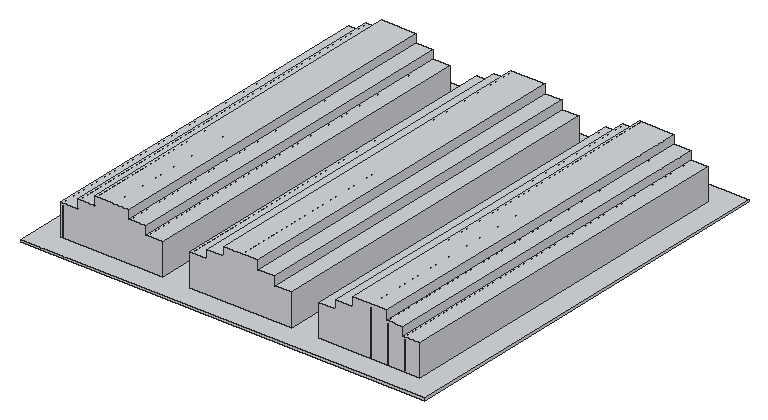
Revit family "Acoustic-Treatment_Wenger_Diffuser-Ceiling-Quadratic", category Generic Models, Revit 2016
Family settings
  Part Type = Normal
  Can host rebar = No
  Round Connector Dimension = Use Diameter
  Work Plane-Based = Yes
  Always vertical = No
  Cut with Voids When Loaded = No
  Shared = No
  Room Calculation Point = No
Parameters
  Warranty Duration (Years) = 0
  Unit Width = 3' - 11 3/4"
  Unit Weight = 0
  Unit Length = 3' - 11 3/4"
  Unit Depth = 1' - 0"
  URL = "https://www.wengercorp.com/"
  Standards Conformance = "as Specified"
  Specification = "http://www.arcat.com/sdspecs/htm04/11_60_01wen.htm"
  SpecWizard = "http://www.arcat.com/specwizard/11061wen/index04.htm"
  Sales Information = "https://www.wengercorp.com/contact-us.php"
  Revision = "R1_2017-12"
  Product Properties = ""
  Product Data = "http://www.arcat.com/arcatcos/cos36/arc36487.html"
  Model = "As Specified"
  Manufacturer Website = "https://www.wengercorp.com/"
  Manufacturer Phone - Toll Free = ""
  Manufacturer Phone = ""
  Manufacturer Fax = ""
  Manufacturer Address = ""
  Manufacturer = "Wenger Corporation"
  Maintenance Schedule (Months) = 0
  Keynote = "11 60 01"
  Installation-Fabrication = ""
  Installation Phase = ""
  Green Building-LEED = "http://www.arcat.com/green/clients/leed_data_36487.html"
  Exterior Finish [instance] = none
  Expected Lifespan (Years) = 0
  Drawn By = "Sumex Design, Inc. / Robert S. Weygant, CSI, CDT, SCIP"
  Description = "Wenger Acoustic Product as Specified"
  Default Elevation = 0' - 0"
  Copyright = "©Arcat Inc."
  Construction Details = "http://www.arcat.com/details/wengerco/wengerco.html?coid=36487"
  Assembly Code = "E1020300"
Reference planes (in)
  plane 1 "Center (Front/Back)": y = 0
  plane 2 "Bottom": z = 0
  plane 3 "Center (Left/Right)": x = 0
  plane 4 "Front": y = -23.875
  plane 5 "Back": y = 23.875
  plane 6 "Left": x = -23.875
  plane 7 "Right": x = 23.875
  plane 8: y = 21.0625
  plane 9: y = -21.0625
  plane 10: x = 21.0625
  plane 11: x = -21.0625
Forms (in)
  Extrusion 1, solid, material <- "Exterior Finish"
    sketch origin (0, 0, 0) x (1, 0, 0) y (0, 1, 0)
      loop
        line (-23.875, 23.875) -> (-23.875, -23.875) -> (23.875, -23.875) -> (23.875, 23.875) -> (-23.875, 23.875)
      loop
        line (-21.0625, 21.0625) -> (-21.0625, -21.0625) -> (-19.3125, -21.0625) -> (-19.3125, 21.0625) -> (-21.0625, 21.0625)
      loop
        line (-19.0625, 21.0625) -> (-19.0625, -21.0625) -> (-17.3125, -21.0625) -> (-17.3125, 21.0625) -> (-19.0625, 21.0625)
      loop
        line (-17.0625, 21.0625) -> (-17.0625, -21.0625) -> (-15.3125, -21.0625) -> (-15.3125, 21.0625) -> (-17.0625, 21.0625)
      loop
        line (-15.0625, 21.0625) -> (-15.0625, -21.0625) -> (-13.3125, -21.0625) -> (-13.3125, 21.0625) -> (-15.0625, 21.0625)
      loop
        line (-13.0625, 21.0625) -> (-13.0625, -21.0625) -> (-11.3125, -21.0625) -> (-11.3125, 21.0625) -> (-13.0625, 21.0625)
      loop
        line (-11.0625, 21.0625) -> (-11.0625, -21.0625) -> (-9.3125, -21.0625) -> (-9.3125, 21.0625) -> (-11.0625, 21.0625)
      loop
        line (9.3125, 21.0625) -> (9.3125, -21.0625) -> (11.0625, -21.0625) -> (11.0625, 21.0625) -> (9.3125, 21.0625)
      loop
        line (11.3125, 21.0625) -> (11.3125, -21.0625) -> (13.0625, -21.0625) -> (13.0625, 21.0625) -> (11.3125, 21.0625)
      loop
        line (13.3125, 21.0625) -> (13.3125, -21.0625) -> (15.0625, -21.0625) -> (15.0625, 21.0625) -> (13.3125, 21.0625)
      loop
        line (15.3125, 21.0625) -> (15.3125, -21.0625) -> (17.0625, -21.0625) -> (17.0625, 21.0625) -> (15.3125, 21.0625)
      loop
        line (17.3125, 21.0625) -> (17.3125, -21.0625) -> (19.0625, -21.0625) -> (19.0625, 21.0625) -> (17.3125, 21.0625)
      loop
        line (19.3125, 21.0625) -> (19.3125, -21.0625) -> (21.0625, -21.0625) -> (21.0625, 21.0625) -> (19.3125, 21.0625)
      loop
        line (-5.87262, 21.0625) -> (-5.87262, -21.0625) -> (-4.12262, -21.0625) -> (-4.12262, 21.0625) -> (-5.87262, 21.0625)
      loop
        line (-3.87262, 21.0625) -> (-3.87262, -21.0625) -> (-2.12262, -21.0625) -> (-2.12262, 21.0625) -> (-3.87262, 21.0625)
      loop
        line (-1.87262, 21.0625) -> (-1.87262, -21.0625) -> (-0.12262, -21.0625) -> (-0.12262, 21.0625) -> (-1.87262, 21.0625)
      loop
        line (0.12738, 21.0625) -> (0.12738, -21.0625) -> (1.87738, -21.0625) -> (1.87738, 21.0625) -> (0.12738, 21.0625)
      loop
        line (2.12738, 21.0625) -> (2.12738, -21.0625) -> (3.87738, -21.0625) -> (3.87738, 21.0625) -> (2.12738, 21.0625)
      loop
        line (4.12738, 21.0625) -> (4.12738, -21.0625) -> (5.87738, -21.0625) -> (5.87738, 21.0625) -> (4.12738, 21.0625)
    from 0 to 0.25
  Extrusion 2, solid, material <- "Exterior Finish"
    sketch origin (0, 0, 0) x (1, 0, 0) y (0, 1, 0)
      loop
        line (-21.1875, -21.1875) -> (-19.1875, -21.1875) -> (-19.1875, 21.1875) -> (-21.1875, 21.1875) -> (-21.1875, -21.1875)
      loop
        line (-21.0625, -21.0625) -> (-19.3125, -21.0625) -> (-19.3125, 21.0625) -> (-21.0625, 21.0625) -> (-21.0625, -21.0625)
    from 0.25 to 4
  Extrusion 3, solid, material <- "Exterior Finish"
    sketch origin (2, 0, 0) x (1, 0, 0) y (0, 1, 0)
      loop
        line (-21.1875, -21.1875) -> (-19.1875, -21.1875) -> (-19.1875, 21.1875) -> (-21.1875, 21.1875) -> (-21.1875, -21.1875)
      loop
        line (-21.0625, -21.0625) -> (-19.3125, -21.0625) -> (-19.3125, 21.0625) -> (-21.0625, 21.0625) -> (-21.0625, -21.0625)
    from 0.25 to 5
  Extrusion 4, solid, material <- "Exterior Finish"
    sketch origin (4, 0, 0) x (1, 0, 0) y (0, 1, 0)
      loop
        line (-21.1875, -21.1875) -> (-19.1875, -21.1875) -> (-19.1875, 21.1875) -> (-21.1875, 21.1875) -> (-21.1875, -21.1875)
      loop
        line (-21.0625, -21.0625) -> (-19.3125, -21.0625) -> (-19.3125, 21.0625) -> (-21.0625, 21.0625) -> (-21.0625, -21.0625)
    from 0.25 to 6
  Extrusion 5, solid, material <- "Exterior Finish"
    sketch origin (6, 0, 0) x (1, 0, 0) y (0, 1, 0)
      loop
        line (-21.1875, -21.1875) -> (-19.1875, -21.1875) -> (-19.1875, 21.1875) -> (-21.1875, 21.1875) -> (-21.1875, -21.1875)
      loop
        line (-21.0625, -21.0625) -> (-19.3125, -21.0625) -> (-19.3125, 21.0625) -> (-21.0625, 21.0625) -> (-21.0625, -21.0625)
    from 0.25 to 6
  Extrusion 6, solid, material <- "Exterior Finish"
    sketch origin (8, 0, 0) x (1, 0, 0) y (0, 1, 0)
      loop
        line (-21.1875, -21.1875) -> (-19.1875, -21.1875) -> (-19.1875, 21.1875) -> (-21.1875, 21.1875) -> (-21.1875, -21.1875)
      loop
        line (-21.0625, -21.0625) -> (-19.3125, -21.0625) -> (-19.3125, 21.0625) -> (-21.0625, 21.0625) -> (-21.0625, -21.0625)
    from 0.25 to 5
  Extrusion 7, solid, material <- "Exterior Finish"
    sketch origin (10, 0, 0) x (1, 0, 0) y (0, 1, 0)
      loop
        line (-21.1875, -21.1875) -> (-19.1875, -21.1875) -> (-19.1875, 21.1875) -> (-21.1875, 21.1875) -> (-21.1875, -21.1875)
      loop
        line (-21.0625, -21.0625) -> (-19.3125, -21.0625) -> (-19.3125, 21.0625) -> (-21.0625, 21.0625) -> (-21.0625, -21.0625)
    from 0.25 to 4
  Extrusion 8, solid, material <- "Exterior Finish"
    sketch origin (15.18988, 0, 0) x (1, 0, 0) y (0, 1, 0)
      loop
        line (-21.1875, -21.1875) -> (-19.1875, -21.1875) -> (-19.1875, 21.1875) -> (-21.1875, 21.1875) -> (-21.1875, -21.1875)
      loop
        line (-21.0625, -21.0625) -> (-19.3125, -21.0625) -> (-19.3125, 21.0625) -> (-21.0625, 21.0625) -> (-21.0625, -21.0625)
    from 0.25 to 4
  Extrusion 9, solid, material <- "Exterior Finish"
    sketch origin (17.18988, 0, 0) x (1, 0, 0) y (0, 1, 0)
      loop
        line (-21.1875, -21.1875) -> (-19.1875, -21.1875) -> (-19.1875, 21.1875) -> (-21.1875, 21.1875) -> (-21.1875, -21.1875)
      loop
        line (-21.0625, -21.0625) -> (-19.3125, -21.0625) -> (-19.3125, 21.0625) -> (-21.0625, 21.0625) -> (-21.0625, -21.0625)
    from 0.25 to 5
  Extrusion 10, solid, material <- "Exterior Finish"
    sketch origin (19.18988, 0, 0) x (1, 0, 0) y (0, 1, 0)
      loop
        line (-21.1875, -21.1875) -> (-19.1875, -21.1875) -> (-19.1875, 21.1875) -> (-21.1875, 21.1875) -> (-21.1875, -21.1875)
      loop
        line (-21.0625, -21.0625) -> (-19.3125, -21.0625) -> (-19.3125, 21.0625) -> (-21.0625, 21.0625) -> (-21.0625, -21.0625)
    from 0.25 to 6
  Extrusion 11, solid, material <- "Exterior Finish"
    sketch origin (21.18988, 0, 0) x (1, 0, 0) y (0, 1, 0)
      loop
        line (-21.1875, -21.1875) -> (-19.1875, -21.1875) -> (-19.1875, 21.1875) -> (-21.1875, 21.1875) -> (-21.1875, -21.1875)
      loop
        line (-21.0625, -21.0625) -> (-19.3125, -21.0625) -> (-19.3125, 21.0625) -> (-21.0625, 21.0625) -> (-21.0625, -21.0625)
    from 0.25 to 6
  Extrusion 12, solid, material <- "Exterior Finish"
    sketch origin (23.18988, 0, 0) x (1, 0, 0) y (0, 1, 0)
      loop
        line (-21.1875, -21.1875) -> (-19.1875, -21.1875) -> (-19.1875, 21.1875) -> (-21.1875, 21.1875) -> (-21.1875, -21.1875)
      loop
        line (-21.0625, -21.0625) -> (-19.3125, -21.0625) -> (-19.3125, 21.0625) -> (-21.0625, 21.0625) -> (-21.0625, -21.0625)
    from 0.25 to 5
  Extrusion 13, solid, material <- "Exterior Finish"
    sketch origin (25.18988, 0, 0) x (1, 0, 0) y (0, 1, 0)
      loop
        line (-21.1875, -21.1875) -> (-19.1875, -21.1875) -> (-19.1875, 21.1875) -> (-21.1875, 21.1875) -> (-21.1875, -21.1875)
      loop
        line (-21.0625, -21.0625) -> (-19.3125, -21.0625) -> (-19.3125, 21.0625) -> (-21.0625, 21.0625) -> (-21.0625, -21.0625)
    from 0.25 to 4
  Extrusion 14, solid, material <- "Exterior Finish"
    sketch origin (30.375, 0, 0) x (1, 0, 0) y (0, 1, 0)
      loop
        line (-21.1875, -21.1875) -> (-19.1875, -21.1875) -> (-19.1875, 21.1875) -> (-21.1875, 21.1875) -> (-21.1875, -21.1875)
      loop
        line (-21.0625, -21.0625) -> (-19.3125, -21.0625) -> (-19.3125, 21.0625) -> (-21.0625, 21.0625) -> (-21.0625, -21.0625)
    from 0.25 to 4
  Extrusion 15, solid, material <- "Exterior Finish"
    sketch origin (32.375, 0, 0) x (1, 0, 0) y (0, 1, 0)
      loop
        line (-21.1875, -21.1875) -> (-19.1875, -21.1875) -> (-19.1875, 21.1875) -> (-21.1875, 21.1875) -> (-21.1875, -21.1875)
      loop
        line (-21.0625, -21.0625) -> (-19.3125, -21.0625) -> (-19.3125, 21.0625) -> (-21.0625, 21.0625) -> (-21.0625, -21.0625)
    from 0.25 to 5
  Extrusion 16, solid, material <- "Exterior Finish"
    sketch origin (34.375, 0, 0) x (1, 0, 0) y (0, 1, 0)
      loop
        line (-21.1875, -21.1875) -> (-19.1875, -21.1875) -> (-19.1875, 21.1875) -> (-21.1875, 21.1875) -> (-21.1875, -21.1875)
      loop
        line (-21.0625, -21.0625) -> (-19.3125, -21.0625) -> (-19.3125, 21.0625) -> (-21.0625, 21.0625) -> (-21.0625, -21.0625)
    from 0.25 to 6
  Extrusion 17, solid, material <- "Exterior Finish"
    sketch origin (36.375, 0, 0) x (1, 0, 0) y (0, 1, 0)
      loop
        line (-21.1875, -21.1875) -> (-19.1875, -21.1875) -> (-19.1875, 21.1875) -> (-21.1875, 21.1875) -> (-21.1875, -21.1875)
      loop
        line (-21.0625, -21.0625) -> (-19.3125, -21.0625) -> (-19.3125, 21.0625) -> (-21.0625, 21.0625) -> (-21.0625, -21.0625)
    from 0.25 to 6
  Extrusion 18, solid, material <- "Exterior Finish"
    sketch origin (38.375, 0, 0) x (1, 0, 0) y (0, 1, 0)
      loop
        line (-21.1875, -21.1875) -> (-19.1875, -21.1875) -> (-19.1875, 21.1875) -> (-21.1875, 21.1875) -> (-21.1875, -21.1875)
      loop
        line (-21.0625, -21.0625) -> (-19.3125, -21.0625) -> (-19.3125, 21.0625) -> (-21.0625, 21.0625) -> (-21.0625, -21.0625)
    from 0.25 to 5
  Extrusion 19, solid, material <- "Exterior Finish"
    sketch origin (40.375, 0, 0) x (1, 0, 0) y (0, 1, 0)
      loop
        line (-21.1875, -21.1875) -> (-19.1875, -21.1875) -> (-19.1875, 21.1875) -> (-21.1875, 21.1875) -> (-21.1875, -21.1875)
      loop
        line (-21.0625, -21.0625) -> (-19.3125, -21.0625) -> (-19.3125, 21.0625) -> (-21.0625, 21.0625) -> (-21.0625, -21.0625)
    from 0.25 to 4
  Extrusion 20, solid, material <- "Exterior Finish"
    sketch origin (0, 0, 0) x (1, 0, 0) y (0, 0, 1)
      loop
        line (-21.1875, 4) -> (-21.1875, 3.875) -> (-19.1875, 3.875) -> (-19.1875, 4) -> (-21.1875, 4)
      loop
        line (-11.1875, 4) -> (-11.1875, 3.875) -> (-9.1875, 3.875) -> (-9.1875, 4) -> (-11.1875, 4)
      loop
        line (-5.99762, 4) -> (-5.99762, 3.875) -> (-3.99762, 3.875) -> (-3.99762, 4) -> (-5.99762, 4)
      loop
        line (4.00238, 4) -> (4.00238, 3.875) -> (6.00238, 3.875) -> (6.00238, 4) -> (4.00238, 4)
      loop
        line (9.1875, 4) -> (9.1875, 3.875) -> (11.1875, 3.875) -> (11.1875, 4) -> (9.1875, 4)
      loop
        line (19.1875, 4) -> (19.1875, 3.875) -> (21.1875, 3.875) -> (21.1875, 4) -> (19.1875, 4)
      loop
        line (-19.1875, 5) -> (-19.1875, 4.875) -> (-17.1875, 4.875) -> (-17.1875, 5) -> (-19.1875, 5)
      loop
        line (-13.1875, 5) -> (-13.1875, 4.875) -> (-11.1875, 4.875) -> (-11.1875, 5) -> (-13.1875, 5)
      loop
        line (-3.99762, 5) -> (-3.99762, 4.875) -> (-1.99762, 4.875) -> (-1.99762, 5) -> (-3.99762, 5)
      loop
        line (2.00238, 5) -> (2.00238, 4.875) -> (4.00238, 4.875) -> (4.00238, 5) -> (2.00238, 5)
      loop
        line (11.1875, 5) -> (11.1875, 4.875) -> (13.1875, 4.875) -> (13.1875, 5) -> (11.1875, 5)
      loop
        line (17.1875, 5) -> (17.1875, 4.875) -> (19.1875, 4.875) -> (19.1875, 5) -> (17.1875, 5)
      loop
        line (-17.1875, 6) -> (-17.1875, 5.875) -> (-13.1875, 5.875) -> (-13.1875, 6) -> (-17.1875, 6)
      loop
        line (-1.99762, 6) -> (-1.99762, 5.875) -> (2.00238, 5.875) -> (2.00238, 6) -> (-1.99762, 6)
      loop
        line (13.1875, 6) -> (13.1875, 5.875) -> (17.1875, 5.875) -> (17.1875, 6) -> (13.1875, 6)
    from -21.1875 to 21.1875
Cuts and joins
  joined: Extrusion 2, Extrusion 3, Extrusion 4, Extrusion 5, Extrusion 6, Extrusion 7, Extrusion 8, Extrusion 9, Extrusion 10, Extrusion 11, Extrusion 12, Extrusion 13, Extrusion 14, Extrusion 15, Extrusion 16, Extrusion 17, Extrusion 18, Extrusion 19, Extrusion 20
Dimensions and locks (in)
  equal spacing: plane 6 "Left", plane 3 "Center (Left/Right)", plane 7 "Right"
  "Unit Width": plane 6 "Left" to plane 7 "Right"
  equal spacing: plane 5 "Back", plane 1 "Center (Front/Back)", plane 4 "Front"
  "Unit Length": plane 5 "Back" to plane 4 "Front"
  locked: plane 6 "Left" to plane 11 at 2.8125
  locked: plane 10 to plane 7 "Right" at 2.8125
  locked: plane 9 to plane 4 "Front" at 2.8125
  locked: plane 5 "Back" to plane 8 at 2.8125
  aligned and locked: Extrusion 1 sketch curve to plane 5 "Back"
  aligned and locked: Extrusion 1 sketch curve to plane 6 "Left"
  aligned and locked: Extrusion 1 sketch curve to plane 4 "Front"
  aligned and locked: Extrusion 1 sketch curve to plane 7 "Right"
Automatic sketch dimensions
  Extrusion 1 sketch curve to plane 8 = 0' - 0"  (x18)
  Extrusion 1 sketch curve to plane 11 = 0' - 0"
  Extrusion 1 sketch curve to plane 9 = 0' - 0"  (x18)
  Extrusion 1 sketch curve to plane 10 = 0' - 0"
  plane 11 to Extrusion 1 sketch curve = 0' - 1 3/4"
  Extrusion 1 sketch curve to Extrusion 1 sketch curve = 0' - 0 1/4"  (x14)
  Extrusion 1 sketch curve to Extrusion 1 sketch curve = 0' - 1 3/4"  (x15)
  Extrusion 1 sketch curve to Extrusion 1 sketch curve = 0' - 3.43988"
  Extrusion 1 sketch curve to plane 3 "Center (Left/Right)" = 0' - 0.12262"
  plane 3 "Center (Left/Right)" to Extrusion 1 sketch curve = 0' - 0.12738"
  Extrusion 1 sketch curve to Extrusion 1 sketch curve = 0' - 3.43512"
  Extrusion 2 sketch curve to plane 9 = 0' - 0"
  Extrusion 2 sketch curve to plane 11 = 0' - 0"
  Extrusion 2 sketch curve to plane 8 = 0' - 0"
  Extrusion 2 sketch curve to plane 11 = 0' - 0 1/8"
  Extrusion 2 sketch curve to Extrusion 2 sketch curve = 0' - 1 3/4"
  Extrusion 2 sketch curve to Extrusion 2 sketch curve = 0' - 0 1/8"
  Extrusion 2 sketch curve to plane 9 = 0' - 0 1/8"
  plane 8 to Extrusion 2 sketch curve = 0' - 0 1/8"
  Extrusion 3 sketch curve to plane 9 = 0' - 0"
  Extrusion 3 sketch curve to plane 8 = 0' - 0"
  plane 8 to Extrusion 3 sketch curve = 0' - 0 1/8"
  plane 11 to Extrusion 3 sketch curve = 0' - 1 7/8"
  Extrusion 3 sketch curve to Extrusion 3 sketch curve = 0' - 0 1/8"  (x2)
  Extrusion 3 sketch curve to Extrusion 3 sketch curve = 0' - 1 3/4"
  Extrusion 3 sketch curve to plane 9 = 0' - 0 1/8"
  Extrusion 4 sketch curve to plane 9 = 0' - 0"
  Extrusion 4 sketch curve to plane 8 = 0' - 0"
  plane 8 to Extrusion 4 sketch curve = 0' - 0 1/8"
  plane 11 to Extrusion 4 sketch curve = 0' - 3 7/8"
  Extrusion 4 sketch curve to Extrusion 4 sketch curve = 0' - 0 1/8"  (x2)
  Extrusion 4 sketch curve to Extrusion 4 sketch curve = 0' - 1 3/4"
  Extrusion 4 sketch curve to plane 9 = 0' - 0 1/8"
  Extrusion 5 sketch curve to plane 9 = 0' - 0"
  Extrusion 5 sketch curve to plane 8 = 0' - 0"
  plane 8 to Extrusion 5 sketch curve = 0' - 0 1/8"
  plane 11 to Extrusion 5 sketch curve = 0' - 5 7/8"
  Extrusion 5 sketch curve to Extrusion 5 sketch curve = 0' - 0 1/8"  (x2)
  Extrusion 5 sketch curve to Extrusion 5 sketch curve = 0' - 1 3/4"
  Extrusion 5 sketch curve to plane 9 = 0' - 0 1/8"
  Extrusion 6 sketch curve to plane 9 = 0' - 0"
  Extrusion 6 sketch curve to plane 8 = 0' - 0"
  plane 8 to Extrusion 6 sketch curve = 0' - 0 1/8"
  plane 11 to Extrusion 6 sketch curve = 0' - 7 7/8"
  Extrusion 6 sketch curve to Extrusion 6 sketch curve = 0' - 0 1/8"  (x2)
  Extrusion 6 sketch curve to Extrusion 6 sketch curve = 0' - 1 3/4"
  Extrusion 6 sketch curve to plane 9 = 0' - 0 1/8"
  Extrusion 7 sketch curve to plane 9 = 0' - 0"
  Extrusion 7 sketch curve to plane 8 = 0' - 0"
  plane 8 to Extrusion 7 sketch curve = 0' - 0 1/8"
  plane 11 to Extrusion 7 sketch curve = 0' - 9 7/8"
  Extrusion 7 sketch curve to Extrusion 7 sketch curve = 0' - 0 1/8"  (x2)
  Extrusion 7 sketch curve to Extrusion 7 sketch curve = 0' - 1 3/4"
  Extrusion 7 sketch curve to plane 9 = 0' - 0 1/8"
  Extrusion 8 sketch curve to plane 9 = 0' - 0"
  Extrusion 8 sketch curve to plane 8 = 0' - 0"
  plane 8 to Extrusion 8 sketch curve = 0' - 0 1/8"
  Extrusion 8 sketch curve to plane 3 "Center (Left/Right)" = 0' - 5.99762"
  Extrusion 8 sketch curve to Extrusion 8 sketch curve = 0' - 0 1/8"  (x2)
  Extrusion 8 sketch curve to Extrusion 8 sketch curve = 0' - 1 3/4"
  Extrusion 8 sketch curve to plane 9 = 0' - 0 1/8"
  Extrusion 9 sketch curve to plane 9 = 0' - 0"
  Extrusion 9 sketch curve to plane 8 = 0' - 0"
  plane 8 to Extrusion 9 sketch curve = 0' - 0 1/8"
  Extrusion 9 sketch curve to plane 3 "Center (Left/Right)" = 0' - 3.99762"
  Extrusion 9 sketch curve to Extrusion 9 sketch curve = 0' - 0 1/8"  (x2)
  Extrusion 9 sketch curve to Extrusion 9 sketch curve = 0' - 1 3/4"
  Extrusion 9 sketch curve to plane 9 = 0' - 0 1/8"
  Extrusion 10 sketch curve to plane 9 = 0' - 0"
  Extrusion 10 sketch curve to plane 8 = 0' - 0"
  plane 8 to Extrusion 10 sketch curve = 0' - 0 1/8"
  Extrusion 10 sketch curve to plane 3 "Center (Left/Right)" = 0' - 1.99762"
  Extrusion 10 sketch curve to Extrusion 10 sketch curve = 0' - 0 1/8"
  Extrusion 10 sketch curve to plane 3 "Center (Left/Right)" = 0' - 0.12262"
  plane 3 "Center (Left/Right)" to Extrusion 10 sketch curve = 0' - 0.00238"
  Extrusion 10 sketch curve to plane 9 = 0' - 0 1/8"
  Extrusion 11 sketch curve to plane 9 = 0' - 0"
  Extrusion 11 sketch curve to plane 8 = 0' - 0"
  plane 3 "Center (Left/Right)" to Extrusion 11 sketch curve = 0' - 0.00238"
  plane 3 "Center (Left/Right)" to Extrusion 11 sketch curve = 0' - 0.12738"
  Extrusion 11 sketch curve to Extrusion 11 sketch curve = 0' - 1 3/4"
  Extrusion 11 sketch curve to Extrusion 11 sketch curve = 0' - 0 1/8"
  Extrusion 11 sketch curve to plane 9 = 0' - 0 1/8"
  plane 8 to Extrusion 11 sketch curve = 0' - 0 1/8"
  Extrusion 12 sketch curve to plane 9 = 0' - 0"
  Extrusion 12 sketch curve to plane 8 = 0' - 0"
  plane 8 to Extrusion 12 sketch curve = 0' - 0 1/8"
  plane 3 "Center (Left/Right)" to Extrusion 12 sketch curve = 0' - 2.00238"
  Extrusion 12 sketch curve to Extrusion 12 sketch curve = 0' - 0 1/8"  (x2)
  Extrusion 12 sketch curve to Extrusion 12 sketch curve = 0' - 1 3/4"
  Extrusion 12 sketch curve to plane 9 = 0' - 0 1/8"
  Extrusion 13 sketch curve to plane 9 = 0' - 0"
  Extrusion 13 sketch curve to plane 8 = 0' - 0"
  plane 8 to Extrusion 13 sketch curve = 0' - 0 1/8"
  plane 3 "Center (Left/Right)" to Extrusion 13 sketch curve = 0' - 4.00238"
  Extrusion 13 sketch curve to Extrusion 13 sketch curve = 0' - 0 1/8"  (x2)
  Extrusion 13 sketch curve to Extrusion 13 sketch curve = 0' - 1 3/4"
  Extrusion 13 sketch curve to plane 9 = 0' - 0 1/8"
  Extrusion 14 sketch curve to plane 9 = 0' - 0"
  Extrusion 14 sketch curve to plane 8 = 0' - 0"
  plane 8 to Extrusion 14 sketch curve = 0' - 0 1/8"
  plane 3 "Center (Left/Right)" to Extrusion 14 sketch curve = 0' - 9 3/16"
  Extrusion 14 sketch curve to Extrusion 14 sketch curve = 0' - 0 1/8"  (x2)
  Extrusion 14 sketch curve to Extrusion 14 sketch curve = 0' - 1 3/4"
  Extrusion 14 sketch curve to plane 9 = 0' - 0 1/8"
  Extrusion 15 sketch curve to plane 9 = 0' - 0"
  Extrusion 15 sketch curve to plane 8 = 0' - 0"
  plane 8 to Extrusion 15 sketch curve = 0' - 0 1/8"
  Extrusion 15 sketch curve to plane 10 = 0' - 9 7/8"
  Extrusion 15 sketch curve to Extrusion 15 sketch curve = 0' - 0 1/8"  (x2)
  Extrusion 15 sketch curve to Extrusion 15 sketch curve = 0' - 1 3/4"
  Extrusion 15 sketch curve to plane 9 = 0' - 0 1/8"
  Extrusion 16 sketch curve to plane 9 = 0' - 0"
  Extrusion 16 sketch curve to plane 8 = 0' - 0"
  plane 8 to Extrusion 16 sketch curve = 0' - 0 1/8"
  Extrusion 16 sketch curve to plane 10 = 0' - 7 7/8"
  Extrusion 16 sketch curve to Extrusion 16 sketch curve = 0' - 0 1/8"  (x2)
  Extrusion 16 sketch curve to Extrusion 16 sketch curve = 0' - 1 3/4"
  Extrusion 16 sketch curve to plane 9 = 0' - 0 1/8"
  Extrusion 17 sketch curve to plane 9 = 0' - 0"
  Extrusion 17 sketch curve to plane 8 = 0' - 0"
  plane 8 to Extrusion 17 sketch curve = 0' - 0 1/8"
  Extrusion 17 sketch curve to plane 10 = 0' - 5 7/8"
  Extrusion 17 sketch curve to Extrusion 17 sketch curve = 0' - 0 1/8"  (x2)
  Extrusion 17 sketch curve to Extrusion 17 sketch curve = 0' - 1 3/4"
  Extrusion 17 sketch curve to plane 9 = 0' - 0 1/8"
  Extrusion 18 sketch curve to plane 9 = 0' - 0"
  Extrusion 18 sketch curve to plane 8 = 0' - 0"
  plane 8 to Extrusion 18 sketch curve = 0' - 0 1/8"
  Extrusion 18 sketch curve to plane 10 = 0' - 3 7/8"
  Extrusion 18 sketch curve to Extrusion 18 sketch curve = 0' - 0 1/8"  (x2)
  Extrusion 18 sketch curve to Extrusion 18 sketch curve = 0' - 1 3/4"
  Extrusion 18 sketch curve to plane 9 = 0' - 0 1/8"
  Extrusion 19 sketch curve to plane 9 = 0' - 0"
  Extrusion 19 sketch curve to plane 8 = 0' - 0"
  Extrusion 19 sketch curve to plane 10 = 0' - 0"
  Extrusion 19 sketch curve to plane 10 = 0' - 1 3/4"
  Extrusion 19 sketch curve to Extrusion 19 sketch curve = 0' - 0 1/8"
  plane 10 to Extrusion 19 sketch curve = 0' - 0 1/8"
  Extrusion 19 sketch curve to plane 9 = 0' - 0 1/8"
  plane 8 to Extrusion 19 sketch curve = 0' - 0 1/8"
  Extrusion 20 sketch curve to plane 11 = 0' - 0 1/8"
  plane 11 to Extrusion 20 sketch curve = 0' - 1 7/8"
  Extrusion 20 sketch curve to Extrusion 20 sketch curve = 0' - 0"  (x14)
  Extrusion 20 sketch curve to Extrusion 20 sketch curve = 0' - 2"  (x8)
  Extrusion 20 sketch curve to Extrusion 20 sketch curve = 0' - 4"
  Extrusion 20 sketch curve to Extrusion 20 sketch curve = 0' - 3.18988"
  Extrusion 20 sketch curve to plane 3 "Center (Left/Right)" = 0' - 1.99762"
  plane 3 "Center (Left/Right)" to Extrusion 20 sketch curve = 0' - 2.00238"
  Extrusion 20 sketch curve to Extrusion 20 sketch curve = 0' - 3.18512"
  Extrusion 20 sketch curve to plane 10 = 0' - 3 7/8"
  Extrusion 20 sketch curve to plane 10 = 0' - 1 7/8"
  plane 10 to Extrusion 20 sketch curve = 0' - 0 1/8"
  level to Extrusion 20 sketch curve = 0' - 3 7/8"  (x4)
  Extrusion 20 sketch curve to Extrusion 20 sketch curve = 0' - 0 1/8"  (x15)
  Extrusion 20 sketch curve to Extrusion 20 sketch curve = 0' - 0 7/8"  (x9)
